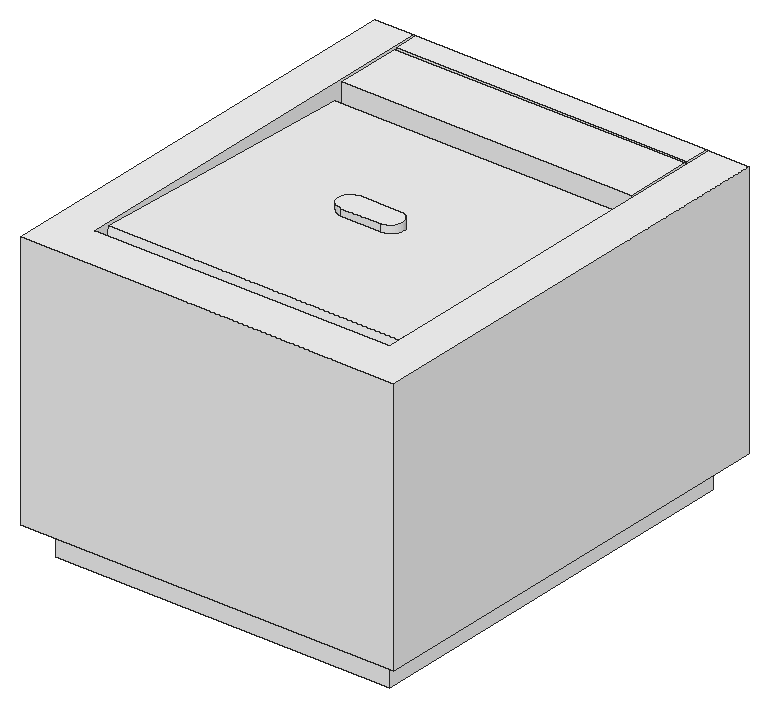
Revit family "Gira_010730", category Electrical Fixtures, host Face, Revit 2017
Family settings
  Host = Face
  Maintain Annotation Orientation = Yes
  Round Connector Dimension = Use Diameter
  Part Type = Normal
  Cut with Voids When Loaded = No
  Shared = No
  Room Calculation Point = No
Parameters (values of type "Wippschalter Kreuz WG AP Grau")
  Zusammenstellung = "Basiselement mit Komplettgehäuse"
  White [instance] = White
  Werkstoffgüte = "sonstige"
  Werkstoff = "sonstige"
  Waschmaschinenschalter = "No"
  URL = "http://katalog.gira.de/de_DE/datenblatt.html?artikelnr=010730"
  Textfeld/Beschriftungsfläche = "nein"
  Tastschalter = "No"
  Schaltungsart = "Kreuzschalter"
  Rückmeldekontakt = "No"
  Region = "DE"
  Oberfläche = "sonstige"
  Nennspannung = "250 Volt"
  Name = "Wippschalter Kreuz WG AP Grau"
  Montageart = "auf Putz"
  Mit Montageplatte = "No"
  Manufacturer URL = "https://www.gira.de/"
  HeinzeBIM = "https://bimportal.heinze.de/bim/wippschalter-kreuz-wg-ap-grau/d38cd6cec44ea605be947c82d8015248c3a0dca0"
  Halogenfrei = "No"
  HAN = "010730"
  Geeignet für Schutzart (IP) = "IP44"
  GTIN = "4010337107309"
  Farbe = "grau"
  Default Elevation = 1219.2 mm
  Data sheet (1) = "https://katalog.gira.de/de_DE/download.html?artikelnr=010730"
  Category = "Installationsschalter"
  Bemessungsstrom = "10 Ampere"
  Beleuchtungsfunktion = "beleuchtet wenn eingeschaltet"
  Beleuchtungsart = "nicht mitgeliefert"
  Beleuchtung = "ja"
  Befestigungsart = "Schraubbefestigung"
  Bedienungsart = "Wippe/Taste"
  Available = "Yes"
  Anzahl der Module (bei Modulbauweise) = "1 "
  Anzahl der Betätigungswippen = "1 "
  Anschlussart = "Steckklemme"
Reference planes
  plane 1 "Center (Front/Back)": y = 0
  plane 2: z = 0
  plane 3 "Center (Left/Right)": x = 0
  plane 4: x = 30
  plane 5: x = -30
  plane 6: z = 41.4
Forms (mm)
  Extrusion 1, solid, material "White" <- "White", detail levels medium+fine
    sketch origin (0, 0, 0) x (1, 0, 0) y (0, 1, 0)
      loop
        line (-34, 41) -> (-34, -41) -> (34, -41) -> (34, 41) -> (-34, 41)
    from 0 to -6.2
  Extrusion 2, solid, material "White" <- "White", detail levels medium+fine
    sketch origin (0, 0, 0) x (1, 0, 0) y (0, 1, 0)
      loop
        line (-38, 45) -> (-38, -45) -> (38, -45) -> (38, 45) -> (-38, 45)
    from 0 to 52.4
  Extrusion 3, void
    sketch origin (0, 0, 0) x (1, 0, 0) y (0, 0, 1)
      loop
        line (-30, 59.413) -> (-30, 41.4) -> (30, 41.4) -> (30, 59.413) -> (-30, 59.413)
    from 36 to -113.06
  Extrusion 4, solid, material "White" <- "White", detail levels medium
    sketch origin (225, 0, 0) x (1, 0, 0) y (0, 1, 0)
      loop
        line (-254.5, 44.5) -> (-254.5, -35.5) -> (-195.5, -35.5) -> (-195.5, 44.5) -> (-254.5, 44.5)
    from 41.4 to 52.4
  Extrusion 5, solid, material "White" <- "White", detail levels fine
    sketch origin (0, 0, 0) x (1, 0, 0) y (0, 1, 0)
      loop
        line (-29.5, 45) -> (-29.5, 40) -> (29.5, 40) -> (29.5, 45) -> (-29.5, 45)
    from 41.4 to 52.4
  Extrusion 6, solid, material "White" <- "White", detail levels fine
    sketch origin (0, 0, 0) x (1, 0, 0) y (0, 1, 0)
      loop
        line (29.5, 39.5) -> (-29.5, 39.5) -> (-29.5, 26) -> (29.5, 26) -> (29.5, 39.5)
    from 41.4 to 52.4
  Extrusion 7, solid, material "White" <- "White", detail levels fine
    sketch origin (0, 0, 0) x (1, 0, 0) y (0, 1, 0)
      loop
        arc (-4, -1) -> (-6.5, -3.5) -> (-4, -6) r 2.5
        line (-4, -6) -> (4, -6)
        arc (4, -6) -> (6.5, -3.5) -> (4, -1) r 2.5
        line (4, -1) -> (-4, -1)
    from 41.4 to 52.4
  Extrusion 8, solid, material "White" <- "White", detail levels coarse
    sketch origin (0, 0, 0) x (1, 0, 0) y (0, 1, 0)
      loop
        line (-38, 46) -> (-38, -45) -> (38, -45) -> (38, 46) -> (-38, 46)
    from -6.2 to 52.4
  Extrusion 9, solid, material "White" <- "White", detail levels medium+fine
    sketch origin (0, 0, 0) x (1, 0, 0) y (0, 0, 1)
      loop
        circle (0, 14) r 3.6
    from -46 to -45
  Extrusion 10, solid, material "White" <- "White", detail levels fine
    sketch origin (0, 0, 0) x (0, 1, 0) y (0, 0, 1)
      loop
        line (-36, 41.4) -> (26, 41.4) -> (24.38, 49.736) -> (-33.115, 52.169) -> (-36, 41.4)
    from -29.5 to 29.5
Cuts and joins
  Extrusion 3 cuts Extrusion 2
Dimensions and locks
  aligned and locked: plane 2 to host face
  aligned and locked: level to host face
  aligned and locked: plane 3 "Center (Left/Right)" to nested 1
  aligned and locked: plane 1 "Center (Front/Back)" to nested 1
Nested families
  nested 1: "Schalter" at (0, 0, 0), type "Schalter"
Connectors
  electrical at (0, 0, -6.2)
    settings: on Extrusion 1, index 1, voltage 224 V, apparent load 0 VA, apparent load phase1 0 VA, apparent load phase2 0 VA, apparent load phase3 0 VA, power factor 1, load classification "Other", number of poles 1, system type 30, power factor state 1, is connector primary yes, connector utility no, sub classification motor no, connector description ""
Definition of nested family "Schalter"
  Reference planes
    plane 1: y = 0
    plane 2: x = 0
  Lines and regions (mm)
    detail lines
      curve 1: circle (1.375, 2.778, 0) r 0.8 normal (0, 0, 1)
      curve 2: line (1.021, 2.061, 0) -> (0, 0, 0)
      curve 3: line (0, 0, 0) -> (-0.538, 0.266, 0)
  Dimensions and locks
    curve 2 to curve 2 = 2.3 mm
    curve 3 to curve 2 = 0.6 mm
    radius of curve 1 = 0.8 mm
